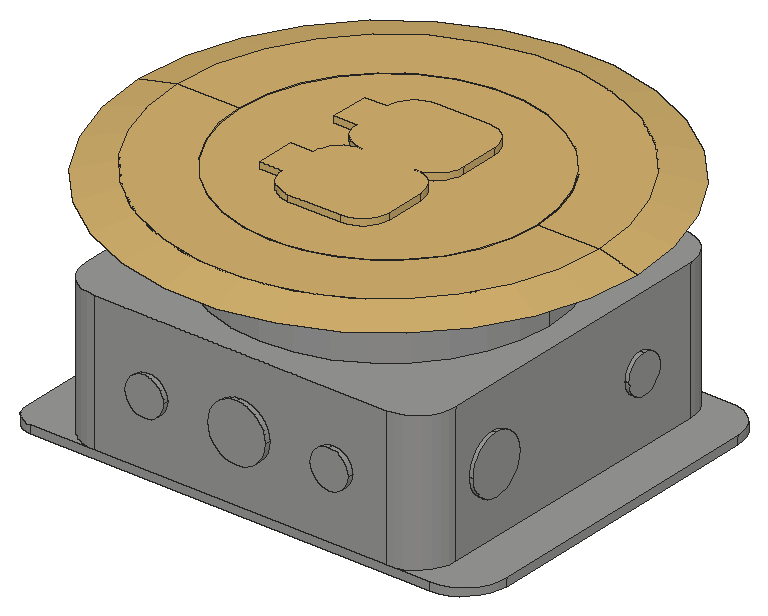
Revit family "Electrical_Equipment-Floor_Box-Hubbell_Wiring-Single_Service_Metal_Concrete-B2529", category Electrical Fixtures, host Face, Revit 2015
Parameters (values of type "B2529 - Brass Collar")
  URL = "http://www.hubbell-wiring.com/"
  Product data url = "https://bimobject.com/hubbellwiring/product/systemone-b2529"
  Product Page URL = "http://ecatalog.hubbell-wiring.com/productinformation/viewcatalog.aspx?Dest=hubbell-wiring.com/press/catalog/L.pdf&Page=4"
  Product Documentation Link = "http://ecatalog.hubbell-wiring.com/press/catalog/L-9.pdf"
  Model = "B2529"
  Manufacturer = "Hubbell-Wiring"  # constant formula
  Floor Box Type = Metal Concrete Floor Box : B2529 - Metal Concrete Floor Box
  Description = "Flush Round Single-Service Metal Concrete Floor Box"  # constant formula
  Default Elevation = 0' - 0"
  Cover Type [instance] = Single Service Covers : S3925 - Duplex Flap - Brass
  Cover Accessory Type [instance] = Carpet Flange : S3082 - 6.25in - Brass
  Construction Note [instance] = "Match Cover Material to Collar -- Turn Off Accessory for One Piece Cover"  # constant formula
  Conduit Connector_9 Description = "Conduit 0.75in. Connection"  # constant formula
  Conduit Connector_8 Description = "Conduit 0.5in. Connection"  # constant formula
  Conduit Connector_7 Description = "Conduit 0.75in. Connection"  # constant formula
  Conduit Connector_6 Description = "Conduit 0.5in. Connection"  # constant formula
  Conduit Connector_5 Description = "Conduit 0.5in. Connection"  # constant formula
  Conduit Connector_4 Description = "Conduit 0.75in. Connection"  # constant formula
  Conduit Connector_3 Description = "Conduit 0.5in. Connection"  # constant formula
  Conduit Connector_2 Description = "Conduit 0.75in. Connection"  # constant formula
  Conduit Connector_15 Description = "Conduit 0.75in. Connection"  # constant formula
  Conduit Connector_14 Description = "Conduit 0.75in. Connection"  # constant formula
  Conduit Connector_13 Description = "Conduit 0.5in. Connection"  # constant formula
  Conduit Connector_12 Description = "Conduit 0.5in. Connection"  # constant formula
  Conduit Connector_11 Description = "Conduit 0.5in. Connection"  # constant formula
  Conduit Connector_10 Description = "Conduit 0.5in. Connection"  # constant formula
  Conduit Connector_1 Description = "Conduit 0.5in. Connection"  # constant formula
  Conduit Connector 2 Radius = 0' - 0 3/8"
  Conduit Connector 1 Radius = 0' - 0 1/4"
  Collar Material = Metal-Hubbell-Brass
  Box Material = Metal-Hubbell-Stamped Steel
  Assembly Code = "D5020115"
Types (2): name | Model | Floor Box Type | Cover Type | Cover Accessory Type | Collar Material
  B2529 - Brass Collar | "B2529" | Metal Concrete Floor Box : B2529 - Metal Concrete Floor Box | Single Service Covers : S3925 - Duplex Flap - Brass | Carpet Flange : S3082 - 6.25in - Brass | Metal-Hubbell-Brass
  BA2529 - Aluminum Collar | "BA2529" | Metal Concrete Floor Box : BA2529 - Metal Concrete Floor Box | Single Service Covers : SA3925 - Duplex Flap - Aluminum | Carpet Flange : SA3082 - 6.25in - Aluminum | Metal-Hubbell-Aluminum
Reference planes (in)
  plane 1 "Center (Front/Back)": y = 0
  plane 2: z = 0
  plane 3 "Center (Left/Right)": x = 0
  plane 4: z = -2.906
Forms (in)
  Extrusion 1, void, detail levels fine
    sketch origin (0, 0, 0) x (1, 0, 0) y (0, 1, 0)
      loop
        line (1.9065, 2.4065) -> (-1.9065, 2.4065)
        arc (-1.9065, 2.4065) -> (-2.26005, 2.26005) -> (-2.4065, 1.9065) r 0.5
        line (-2.4065, 1.9065) -> (-2.4065, -1.9065)
        arc (-2.4065, -1.9065) -> (-2.26005, -2.26005) -> (-1.9065, -2.4065) r 0.5
        line (-1.9065, -2.4065) -> (1.9065, -2.4065)
        arc (1.9065, -2.4065) -> (2.26005, -2.26005) -> (2.4065, -1.9065) r 0.5
        line (2.4065, -1.9065) -> (2.4065, 1.9065)
        arc (2.4065, 1.9065) -> (2.26005, 2.26005) -> (1.9065, 2.4065) r 0.5
    from 0.20228 to -2.906
Lines and regions (in)
  symbolic lines
    curve 1: circle (0, 0, 0) r 3.25 normal (0, 0, 1)
Dimensions and locks (in)
  aligned and locked: plane 2 to host face
  aligned and locked: level to host face
  aligned: level to Extrusion 1
  aligned: Extrusion 1 to plane 4
  aligned and locked: plane 3 "Center (Left/Right)" to nested 1
  aligned and locked: plane 1 "Center (Front/Back)" to nested 1
  aligned and locked: plane 2 to nested 1
  aligned and locked: Extrusion 1 sketch curve to nested 1  (x4)
  aligned: Extrusion 1 to nested 1  (x3)
  aligned: plane 4 to nested 1
  aligned and locked: plane 1 "Center (Front/Back)" to nested 2
  aligned and locked: plane 1 "Center (Front/Back)" to nested 3
  aligned and locked: plane 2 to nested 3
  aligned and locked: plane 3 "Center (Left/Right)" to nested 3
  aligned and locked: plane 3 "Center (Left/Right)" to nested 2
  aligned and locked: nested 2 to plane 2  (x2)
Nested families (in)
  nested 1: "Metal Concrete Floor Box" at (0, 0, 0), type <- "Floor Box Type", type "B2529 - Metal Concrete Floor Box"
  nested 2: "Carpet Flange" at (0, 0, 0), type <- "Cover Accessory Type", type "S3082 - 6.25in - Brass"
  nested 3: "Single Service Covers" at (0, 0, 0), type <- "Cover Type", type "S3925 - Duplex Flap - Brass"
Connectors (in)
  cabletrayconduit at (-1.20325, -2.469, -1.906), diameter 0.5, driven by "Conduit Connector 1 Radius", driven by "Conduit Connector_1 Description"
    settings: on nested 1, index 1, connector width 1' - 0", connector height 1' - 0", connector angle 0.00°, system type 32, placement type 0, profile type 0, connector reference index -1, is primary connector yes, connector utility param no, connector description "Conduit 0.5in. Connection"
  cabletrayconduit at (0, -2.469, -1.906), diameter 0.75, driven by "Conduit Connector 2 Radius", driven by "Conduit Connector_2 Description"
    settings: on nested 1, index 2, connector width 1' - 0", connector height 1' - 0", connector angle 0.00°, system type 32, placement type 0, profile type 0, connector reference index -1, is primary connector no, connector utility param no, connector description "Conduit 0.75in. Connection"
  cabletrayconduit at (1.20325, -2.469, -1.906), diameter 0.5, driven by "Conduit Connector 1 Radius", driven by "Conduit Connector_3 Description"
    settings: on nested 1, index 3, connector width 1' - 0", connector height 1' - 0", connector angle 0.00°, system type 32, placement type 0, profile type 0, connector reference index -1, is primary connector no, connector utility param no, connector description "Conduit 0.5in. Connection"
  cabletrayconduit at (2.469, -1.32825, -1.906), diameter 0.75, driven by "Conduit Connector 2 Radius", driven by "Conduit Connector_4 Description"
    settings: on nested 1, index 4, connector width 1' - 0", connector height 1' - 0", connector angle 0.00°, system type 32, placement type 0, profile type 0, connector reference index -1, is primary connector no, connector utility param no, connector description "Conduit 0.75in. Connection"
  cabletrayconduit at (2.469, 1.07825, -1.906), diameter 0.5, driven by "Conduit Connector 1 Radius", driven by "Conduit Connector_5 Description"
    settings: on nested 1, index 5, connector width 1' - 0", connector height 1' - 0", connector angle 0.00°, system type 32, placement type 0, profile type 0, connector reference index -1, is primary connector no, connector utility param no, connector description "Conduit 0.5in. Connection"
  cabletrayconduit at (1.20325, 2.469, -1.906), diameter 0.5, driven by "Conduit Connector 1 Radius", driven by "Conduit Connector_6 Description"
    settings: on nested 1, index 6, connector width 1' - 0", connector height 1' - 0", connector angle 0.00°, system type 32, placement type 0, profile type 0, connector reference index -1, is primary connector no, connector utility param no, connector description "Conduit 0.5in. Connection"
  cabletrayconduit at (0, 2.469, -1.906), diameter 0.75, driven by "Conduit Connector 2 Radius", driven by "Conduit Connector_7 Description"
    settings: on nested 1, index 7, connector width 1' - 0", connector height 1' - 0", connector angle 0.00°, system type 32, placement type 0, profile type 0, connector reference index -1, is primary connector no, connector utility param no, connector description "Conduit 0.75in. Connection"
  cabletrayconduit at (-1.20325, 2.469, -1.906), diameter 0.5, driven by "Conduit Connector 1 Radius", driven by "Conduit Connector_8 Description"
    settings: on nested 1, index 8, connector width 1' - 0", connector height 1' - 0", connector angle 0.00°, system type 32, placement type 0, profile type 0, connector reference index -1, is primary connector no, connector utility param no, connector description "Conduit 0.5in. Connection"
  cabletrayconduit at (-2.469, 1.32825, -1.906), diameter 0.75, driven by "Conduit Connector 2 Radius", driven by "Conduit Connector_9 Description"
    settings: on nested 1, index 9, connector width 1' - 0", connector height 1' - 0", connector angle 0.00°, system type 32, placement type 0, profile type 0, connector reference index -1, is primary connector no, connector utility param no, connector description "Conduit 0.75in. Connection"
  cabletrayconduit at (-2.469, -1.07825, -1.906), diameter 0.5, driven by "Conduit Connector 1 Radius", driven by "Conduit Connector_10 Description"
    settings: on nested 1, index 10, connector width 1' - 0", connector height 1' - 0", connector angle 0.00°, system type 32, placement type 0, profile type 0, connector reference index -1, is primary connector no, connector utility param no, connector description "Conduit 0.5in. Connection"
  cabletrayconduit at (-0.72268, -0.70711, -2.9685), diameter 0.5, driven by "Conduit Connector 1 Radius", driven by "Conduit Connector_11 Description"
    settings: on nested 1, index 11, connector width 1' - 0", connector height 1' - 0", connector angle 0.00°, system type 32, placement type 0, profile type 0, connector reference index -1, is primary connector no, connector utility param no, connector description "Conduit 0.5in. Connection"
  cabletrayconduit at (0, 0, -2.9685), diameter 0.5, driven by "Conduit Connector 1 Radius", driven by "Conduit Connector_12 Description"
    settings: on nested 1, index 12, connector width 1' - 0", connector height 1' - 0", connector angle 0.00°, system type 32, placement type 0, profile type 0, connector reference index -1, is primary connector no, connector utility param no, connector description "Conduit 0.5in. Connection"
  cabletrayconduit at (0.72268, 0.70711, -2.9685), diameter 0.5, driven by "Conduit Connector 1 Radius", driven by "Conduit Connector_13 Description"
    settings: on nested 1, index 13, connector width 1' - 0", connector height 1' - 0", connector angle 0.00°, system type 32, placement type 0, profile type 0, connector reference index -1, is primary connector no, connector utility param no, connector description "Conduit 0.5in. Connection"
  cabletrayconduit at (0.72268, -0.70711, -2.9685), diameter 0.75, driven by "Conduit Connector 2 Radius", driven by "Conduit Connector_14 Description"
    settings: on nested 1, index 14, connector width 1' - 0", connector height 1' - 0", connector angle 0.00°, system type 32, placement type 0, profile type 0, connector reference index -1, is primary connector no, connector utility param no, connector description "Conduit 0.75in. Connection"
  cabletrayconduit at (-0.72268, 0.70711, -2.9685), diameter 0.75, driven by "Conduit Connector 2 Radius", driven by "Conduit Connector_15 Description"
    settings: on nested 1, index 15, connector width 1' - 0", connector height 1' - 0", connector angle 0.00°, system type 32, placement type 0, profile type 0, connector reference index -1, is primary connector no, connector utility param no, connector description "Conduit 0.75in. Connection"
Definition of nested family "Metal Concrete Floor Box"
  Parameters
    Cover Material = none
    Conduit Connector Offset = 0' - 1"
    Conduit Connector 2 Radius = 0' - 0 3/8"
    Conduit Connector 1 Radius = 0' - 0 1/4"
    Can Material = none
    Assembly Code = ""
  Reference planes (in)
    plane 1 "Center (Front/Back)": y = 0
    plane 2: z = 0
    plane 3 "Center (Left/Right)": x = 0
    plane 4: z = -2.906
    plane 5: z = -1.906
  Forms (in)
    Extrusion 1, solid, material <- "Can Material"
      sketch origin (0, 0, 0) x (1, 0, 0) y (0, 1, 0)
        loop
          arc (-1.9065, 2.4065) -> (-2.26005, 2.26005) -> (-2.4065, 1.9065) r 0.5
          line (-2.4065, 1.9065) -> (-2.4065, -1.9065)
          arc (-2.4065, -1.9065) -> (-2.26005, -2.26005) -> (-1.9065, -2.4065) r 0.5
          line (-1.9065, -2.4065) -> (1.9065, -2.4065)
          arc (1.9065, -2.4065) -> (2.26005, -2.26005) -> (2.4065, -1.9065) r 0.5
          line (2.4065, -1.9065) -> (2.4065, 1.9065)
          arc (2.4065, 1.9065) -> (2.26005, 2.26005) -> (1.9065, 2.4065) r 0.5
          line (1.9065, 2.4065) -> (-1.9065, 2.4065)
      from -1 to -2.80417
    Extrusion 2, solid, material <- "Cover Material"
      sketch origin (0, 0, 0) x (1, 0, 0) y (0, 1, 0)
        loop
          circle (0, 0) r 2.095
        loop
          circle (0, 0) r 1.9075
      from -0.44985 to 0
    Extrusion 3, solid, material <- "Can Material"
      sketch origin (0, 0, 0) x (1, 0, 0) y (0, 1, 0)
        loop
          circle (0, 0) r 2.095
        loop
          circle (0, 0) r 1.9075
      from -1 to -0.44985
    Extrusion 4, solid, material <- "Can Material"
      sketch origin (0.26747, 0, 0) x (1, 0, 0) y (0, 0, 1)
        loop
          arc (-1.72072, -1.906) -> (-1.6475, -2.08278) -> (-1.47072, -2.156) r 0.25
          arc (-1.47072, -2.156) -> (-1.29395, -2.08278) -> (-1.22072, -1.906) r 0.25
          arc (-1.22072, -1.906) -> (-1.29395, -1.72922) -> (-1.47072, -1.656) r 0.25
          arc (-1.47072, -1.656) -> (-1.6475, -1.72922) -> (-1.72072, -1.906) r 0.25
      from 2.4065 to 2.469
    Extrusion 5, solid, material <- "Can Material"
      sketch origin (1.43768, 0, 0) x (1, 0, 0) y (0, 0, 1)
        loop
          arc (-0.48443, -1.906) -> (-0.41121, -2.08278) -> (-0.23443, -2.156) r 0.25
          arc (-0.23443, -2.156) -> (-0.05765, -2.08278) -> (0.01557, -1.906) r 0.25
          arc (0.01557, -1.906) -> (-0.05765, -1.72922) -> (-0.23443, -1.656) r 0.25
          arc (-0.23443, -1.656) -> (-0.41121, -1.72922) -> (-0.48443, -1.906) r 0.25
      from 2.4065 to 2.469
    Extrusion 6, solid, material <- "Can Material"
      sketch origin (0, 0, 0) x (1, 0, 0) y (0, 1, 0)
        loop
          arc (-2.73359, 2.4065) -> (-2.93689, 2.32229) -> (-3.02109, 2.119) r 0.2875
          line (-3.02109, 2.119) -> (-3.02109, -2.119)
          arc (-3.02109, -2.119) -> (-2.93689, -2.32229) -> (-2.73359, -2.4065) r 0.2875
          line (-2.73359, -2.4065) -> (2.4682, -2.4065)
          arc (2.4682, -2.4065) -> (2.85916, -2.24456) -> (3.02109, -1.85361) r 0.55289
          line (3.02109, -1.85361) -> (3.02109, 1.9065)
          arc (3.02109, 1.9065) -> (2.87465, 2.26005) -> (2.52109, 2.4065) r 0.5
          line (2.52109, 2.4065) -> (-2.73359, 2.4065)
      from -2.80417 to -2.906
    Extrusion 7, solid, material <- "Can Material"
      sketch origin (0, 0.00191, 0) x (0, 1, 0) y (0, 0, 1)
        loop
          arc (-1.70516, -1.906) -> (-1.59532, -2.17117) -> (-1.33016, -2.281) r 0.375
          arc (-1.33016, -2.281) -> (-1.06499, -2.17117) -> (-0.95516, -1.906) r 0.375
          arc (-0.95516, -1.906) -> (-1.06499, -1.64083) -> (-1.33016, -1.531) r 0.375
          arc (-1.33016, -1.531) -> (-1.59532, -1.64083) -> (-1.70516, -1.906) r 0.375
      from 2.4065 to 2.469
    Extrusion 8, solid, material <- "Can Material"
      sketch origin (0, 1.32825, 0) x (0, 1, 0) y (0, 0, 1)
        loop
          arc (-0.5, -1.906) -> (-0.42678, -2.08278) -> (-0.25, -2.156) r 0.25
          arc (-0.25, -2.156) -> (-0.07322, -2.08278) -> (0, -1.906) r 0.25
          arc (0, -1.906) -> (-0.07322, -1.72922) -> (-0.25, -1.656) r 0.25
          arc (-0.25, -1.656) -> (-0.42678, -1.72922) -> (-0.5, -1.906) r 0.25
      from 2.4065 to 2.469
    Extrusion 9, solid, material <- "Can Material"
      sketch origin (-5.37192, -3.15502, 0) x (1, 0, 0) y (0, 1, 0)
        loop
          circle (5.37192, 3.15502) r 0.25
      from -2.906 to -2.9685
    Extrusion 10, solid, material <- "Can Material"
      sketch origin (-4.66481, -3.86212, 0) x (1, 0, 0) y (0, 1, 0)
        loop
          circle (5.38749, 3.15502) r 0.375
      from -2.906 to -2.9685
    Extrusion 11, solid, material <- "Can Material"
      sketch origin (-6.07902, -2.44791, 0) x (1, 0, 0) y (0, 1, 0)
        loop
          circle (5.35635, 3.15502) r 0.375
      from -2.906 to -2.9685
    Extrusion 12, solid, material <- "Can Material"
      sketch origin (-6.07902, -3.86212, 0) x (1, 0, 0) y (0, 1, 0)
        loop
          circle (5.35635, 3.15502) r 0.25
      from -2.906 to -2.9685
    Extrusion 13, solid, material <- "Can Material"
      sketch origin (-4.66481, -2.44791, 0) x (1, 0, 0) y (0, 1, 0)
        loop
          circle (5.38749, 3.15502) r 0.25
      from -2.906 to -2.9685
    Extrusion 14, solid, material <- "Can Material"
      sketch origin (1.08016, 0, 0) x (1, 0, 0) y (0, 0, 1)
        loop
          arc (-1.45516, -1.906) -> (-1.34532, -2.17117) -> (-1.08016, -2.281) r 0.375
          arc (-1.08016, -2.281) -> (-0.81499, -2.17117) -> (-0.70516, -1.906) r 0.375
          arc (-0.70516, -1.906) -> (-0.81499, -1.64083) -> (-1.08016, -1.531) r 0.375
          arc (-1.08016, -1.531) -> (-1.34532, -1.64083) -> (-1.45516, -1.906) r 0.375
      from 2.4065 to 2.469
    Extrusion 15, solid, material <- "Can Material"
      sketch origin (0, -0.00191, 0) x (0, -1, 0) y (0, 0, 1)
        loop
          arc (-1.70516, -1.906) -> (-1.59532, -2.17117) -> (-1.33016, -2.281) r 0.375
          arc (-1.33016, -2.281) -> (-1.06499, -2.17117) -> (-0.95516, -1.906) r 0.375
          arc (-0.95516, -1.906) -> (-1.06499, -1.64083) -> (-1.33016, -1.531) r 0.375
          arc (-1.33016, -1.531) -> (-1.59532, -1.64083) -> (-1.70516, -1.906) r 0.375
      from 2.4065 to 2.469
    Extrusion 16, solid, material <- "Can Material"
      sketch origin (0, -1.32825, 0) x (0, -1, 0) y (0, 0, 1)
        loop
          arc (-0.5, -1.906) -> (-0.42678, -2.08278) -> (-0.25, -2.156) r 0.25
          arc (-0.25, -2.156) -> (-0.07322, -2.08278) -> (0, -1.906) r 0.25
          arc (0, -1.906) -> (-0.07322, -1.72922) -> (-0.25, -1.656) r 0.25
          arc (-0.25, -1.656) -> (-0.42678, -1.72922) -> (-0.5, -1.906) r 0.25
      from 2.4065 to 2.469
    Extrusion 17, solid, material <- "Can Material"
      sketch origin (-0.26747, 0, 0) x (-1, 0, 0) y (0, 0, 1)
        loop
          arc (-1.72072, -1.906) -> (-1.6475, -2.08278) -> (-1.47072, -2.156) r 0.25
          arc (-1.47072, -2.156) -> (-1.29395, -2.08278) -> (-1.22072, -1.906) r 0.25
          arc (-1.22072, -1.906) -> (-1.29395, -1.72922) -> (-1.47072, -1.656) r 0.25
          arc (-1.47072, -1.656) -> (-1.6475, -1.72922) -> (-1.72072, -1.906) r 0.25
      from 2.4065 to 2.469
    Extrusion 18, solid, material <- "Can Material"
      sketch origin (-1.43768, 0, 0) x (-1, 0, 0) y (0, 0, 1)
        loop
          arc (-0.48443, -1.906) -> (-0.41121, -2.08278) -> (-0.23443, -2.156) r 0.25
          arc (-0.23443, -2.156) -> (-0.05765, -2.08278) -> (0.01557, -1.906) r 0.25
          arc (0.01557, -1.906) -> (-0.05765, -1.72922) -> (-0.23443, -1.656) r 0.25
          arc (-0.23443, -1.656) -> (-0.41121, -1.72922) -> (-0.48443, -1.906) r 0.25
      from 2.4065 to 2.469
    Extrusion 19, solid, material <- "Can Material"
      sketch origin (-1.08016, 0, 0) x (-1, 0, 0) y (0, 0, 1)
        loop
          arc (-1.45516, -1.906) -> (-1.34532, -2.17117) -> (-1.08016, -2.281) r 0.375
          arc (-1.08016, -2.281) -> (-0.81499, -2.17117) -> (-0.70516, -1.906) r 0.375
          arc (-0.70516, -1.906) -> (-0.81499, -1.64083) -> (-1.08016, -1.531) r 0.375
          arc (-1.08016, -1.531) -> (-1.34532, -1.64083) -> (-1.45516, -1.906) r 0.375
      from 2.4065 to 2.469
  Cuts and joins
    joined: Extrusion 3, Extrusion 4, Extrusion 5, Extrusion 7, Extrusion 8, Extrusion 9, Extrusion 10, Extrusion 11, Extrusion 12, Extrusion 13
  Lines and regions (in)
    Masking region 1
      outline origin (0, 0, 0) x (1, 0, 0) y (0, 1, 0)
        loop
          line (2.52109, 2.4065) -> (1.45334, 2.4065) -> (1.45334, 2.469) -> (0.95427, 2.469) -> (0.95427, 2.4065) -> (0.375, 2.4065) -> (0.375, 2.469) -> (-0.375, 2.469) -> (-0.375, 2.4065) -> (-0.95354, 2.4065) -> (-0.95354, 2.469) -> (-1.45354, 2.469) -> (-1.45354, 2.4065) -> (-2.73359, 2.4065)
          arc (-2.73359, 2.4065) -> (-2.93689, 2.32229) -> (-3.02109, 2.119) r 0.2875
          line (-3.02109, 2.119) -> (-3.02109, -2.119)
          arc (-3.02109, -2.119) -> (-2.93689, -2.32229) -> (-2.73359, -2.4065) r 0.2875
          line (-2.73359, -2.4065) -> (-1.45327, -2.4065) -> (-1.45327, -2.469) -> (-0.95358, -2.469) -> (-0.95358, -2.4065) -> (-0.37362, -2.4065) -> (-0.37362, -2.469) -> (0.375, -2.469) -> (0.375, -2.4065) -> (0.95259, -2.4065) -> (0.95259, -2.469) -> (1.45259, -2.469) -> (1.45259, -2.4065) -> (2.4682, -2.4065)
          arc (2.4682, -2.4065) -> (2.85916, -2.24456) -> (3.02109, -1.85361) r 0.55289
          line (3.02109, -1.85361) -> (3.02109, 1.9065)
          arc (3.02109, 1.9065) -> (2.87465, 2.26005) -> (2.52109, 2.4065) r 0.5
  Dimensions and locks (in)
    "Conduit Connector Offset": plane 5 to plane 4
    level to plane 4 = 0' - 2.906"
    equal spacing: Extrusion 6 sketch curve, plane 3 "Center (Left/Right)", Extrusion 6 sketch curve
    plane 3 "Center (Left/Right)" to Extrusion 8 = 0' - 2.4065"
    Extrusion 5 to Extrusion 7 to plane 1 "Center (Front/Back)" to Extrusion 8 = 0' - 1.07825", 0' - 1.32825", 0' - 1.07825"  (x2)
    "Conduit Connector 1 Radius": radius of Extrusion 4 sketch curve
    "Conduit Connector 1 Radius": radius of Extrusion 5 sketch curve
    "Conduit Connector 2 Radius": radius of Extrusion 7 sketch curve
    "Conduit Connector 1 Radius": radius of Extrusion 8 sketch curve
    "Conduit Connector 1 Radius": radius of Extrusion 9 sketch curve
    "Conduit Connector 2 Radius": radius of Extrusion 10 sketch curve
    "Conduit Connector 2 Radius": radius of Extrusion 11 sketch curve
    "Conduit Connector 1 Radius": radius of Extrusion 12 sketch curve
    "Conduit Connector 1 Radius": radius of Extrusion 13 sketch curve
    "Conduit Connector 2 Radius": radius of Extrusion 14 sketch curve
    "Conduit Connector 2 Radius": radius of Extrusion 15 sketch curve
    "Conduit Connector 1 Radius": radius of Extrusion 16 sketch curve
    "Conduit Connector 1 Radius": radius of Extrusion 17 sketch curve
    "Conduit Connector 1 Radius": radius of Extrusion 18 sketch curve
    "Conduit Connector 2 Radius": radius of Extrusion 19 sketch curve
    aligned and locked: plane 2 to level
    aligned: plane 4 to Extrusion 1
    aligned: plane 5 to Extrusion 4  (x4)
    aligned and locked: plane 5 to Extrusion 4 sketch curve
    aligned: Extrusion 4 to Extrusion 1
    aligned: Extrusion 6 to plane 4
    aligned and locked: Extrusion 1 to Extrusion 6
    aligned and locked: Extrusion 2 to Extrusion 3
    aligned and locked: Extrusion 5 to Extrusion 1
    aligned and locked: Extrusion 4 to Extrusion 1
    aligned: plane 4 to Extrusion 9
    aligned and locked: plane 4 to cut or joined group 1 (Extrusion 3, Extrusion 4, Extrusion 5, Extrusion 7, Extrusion 8, Extrusion 9, Extrusion 10, Extrusion 11, Extrusion 12, Extrusion 13)  (x5)
    aligned and locked: Extrusion 1 to cut or joined group 1
  Automatic sketch dimensions
    plane 1 "Center (Front/Back)" to Extrusion 1 sketch curve = 0' - 2.4065"
    Extrusion 1 sketch curve to plane 1 "Center (Front/Back)" = 0' - 1.9065"
    Extrusion 2 sketch curve to Extrusion 2 sketch curve = 0' - 0"  (x2)
    plane 1 "Center (Front/Back)" to Extrusion 2 sketch curve = 0' - 0"
    Extrusion 2 sketch curve to plane 3 "Center (Left/Right)" = 0' - 0"
    Extrusion 3 sketch curve to Extrusion 3 sketch curve = 0' - 0"  (x2)
    plane 1 "Center (Front/Back)" to Extrusion 3 sketch curve = 0' - 0"
    Extrusion 3 sketch curve to plane 3 "Center (Left/Right)" = 0' - 0"
    Extrusion 4 sketch curve to Extrusion 4 sketch curve = 0' - 0"
    Extrusion 5 sketch curve to plane 5 = 0' - 0"
    plane 1 "Center (Front/Back)" to Extrusion 6 sketch curve = 0' - 2.4065"
    Extrusion 6 sketch curve to plane 1 "Center (Front/Back)" = 0' - 1.9065"
    Extrusion 7 sketch curve to Extrusion 7 sketch curve = 0' - 0"
    Extrusion 7 sketch curve to plane 5 = 0' - 0"
    plane 1 "Center (Front/Back)" to Extrusion 7 sketch curve = 0' - 1.70325"
    Extrusion 8 sketch curve to Extrusion 8 sketch curve = 0' - 0"
    Extrusion 8 sketch curve to plane 5 = 0' - 0"
    Extrusion 8 sketch curve to plane 1 "Center (Front/Back)" = 0' - 0.82825"
    plane 1 "Center (Front/Back)" to Extrusion 9 sketch curve = 0' - 0"
    Extrusion 9 sketch curve to plane 3 "Center (Left/Right)" = 0' - 0"
    plane 1 "Center (Front/Back)" to Extrusion 10 sketch curve = 0' - 0.70711"
    Extrusion 11 sketch curve to plane 1 "Center (Front/Back)" = 0' - 0.70711"
    plane 1 "Center (Front/Back)" to Extrusion 12 sketch curve = 0' - 0.70711"
    Extrusion 13 sketch curve to plane 1 "Center (Front/Back)" = 0' - 0.70711"
    Extrusion 14 sketch curve to Extrusion 14 sketch curve = 0' - 0"
    Extrusion 14 sketch curve to plane 5 = 0' - 0"
    Extrusion 14 sketch curve to plane 3 "Center (Left/Right)" = 0' - 0"
    Extrusion 15 sketch curve to Extrusion 15 sketch curve = 0' - 0"
    Extrusion 15 sketch curve to plane 5 = 0' - 0"
    Extrusion 15 sketch curve to plane 1 "Center (Front/Back)" = 0' - 1.70325"
    Extrusion 16 sketch curve to Extrusion 16 sketch curve = 0' - 0"
    Extrusion 16 sketch curve to plane 5 = 0' - 0"
    plane 1 "Center (Front/Back)" to Extrusion 16 sketch curve = 0' - 0.82825"
    Extrusion 17 sketch curve to plane 5 = 0' - 0"
    Extrusion 18 sketch curve to plane 5 = 0' - 0"
    Extrusion 19 sketch curve to Extrusion 19 sketch curve = 0' - 0"
    Extrusion 19 sketch curve to plane 5 = 0' - 0"
    Extrusion 19 sketch curve to plane 3 "Center (Left/Right)" = 0' - 0"
    Extrusion 1 sketch curve to plane 3 "Center (Left/Right)" = 0' - 1.9065"  (x2)
    Extrusion 1 sketch curve to Extrusion 1 sketch curve = 0' - 0 1/2"  (x2)
    Extrusion 4 sketch curve to plane 3 "Center (Left/Right)" = 0' - 1.45325"
    Extrusion 6 sketch curve to plane 3 "Center (Left/Right)" = 0' - 2.73359"  (x2)
    Extrusion 6 sketch curve to Extrusion 6 sketch curve = 0' - 0.2875"
    Extrusion 11 sketch curve to plane 3 "Center (Left/Right)" = 0' - 0 185/256"
    Extrusion 12 sketch curve to plane 3 "Center (Left/Right)" = 0' - 0 185/256"
    Extrusion 18 sketch curve to Extrusion 18 sketch curve = 0' - 0"
    Extrusion 18 sketch curve to plane 3 "Center (Left/Right)" = 0' - 0.95325"
    plane 3 "Center (Left/Right)" to Extrusion 1 sketch curve = 0' - 1.9065"  (x2)
    Extrusion 5 sketch curve to Extrusion 5 sketch curve = 0' - 0"
    plane 3 "Center (Left/Right)" to Extrusion 5 sketch curve = 0' - 0.95325"
    Extrusion 6 sketch curve to Extrusion 6 sketch curve = 0' - 0.55289"
    Extrusion 6 sketch curve to Extrusion 6 sketch curve = 0' - 0 1/2"
    plane 3 "Center (Left/Right)" to Extrusion 10 sketch curve = 0' - 0 185/256"
    plane 3 "Center (Left/Right)" to Extrusion 13 sketch curve = 0' - 0 185/256"
    Extrusion 17 sketch curve to Extrusion 17 sketch curve = 0' - 0"
    plane 3 "Center (Left/Right)" to Extrusion 17 sketch curve = 0' - 1.45325"
    Masking region 1 sketch curve to plane 3 "Center (Left/Right)" = 0' - 3.02109"
    Masking region 1 sketch curve to Masking region 1 sketch curve = 0' - 0.2875"  (x2)
    Masking region 1 sketch curve to Masking region 1 sketch curve = 0' - 1.28006"
    Masking region 1 sketch curve to Masking region 1 sketch curve = 0' - 1.28032"
    Masking region 1 sketch curve to Masking region 1 sketch curve = 0' - 0.49969"
    Masking region 1 sketch curve to Masking region 1 sketch curve = 0' - 0 1/2"  (x2)
    Masking region 1 sketch curve to plane 3 "Center (Left/Right)" = 0' - 0 3/8"
    Masking region 1 sketch curve to plane 3 "Center (Left/Right)" = 0' - 0.37362"
    plane 3 "Center (Left/Right)" to Masking region 1 sketch curve = 0' - 0 3/8"  (x2)
    Masking region 1 sketch curve to Masking region 1 sketch curve = 0' - 0.57759"
    Masking region 1 sketch curve to Masking region 1 sketch curve = 0' - 0.57927"
    Masking region 1 sketch curve to Masking region 1 sketch curve = 0' - 0.49907"
    Masking region 1 sketch curve to Masking region 1 sketch curve = 0' - 1 1/64"
    Masking region 1 sketch curve to Masking region 1 sketch curve = 0' - 1.06775"
    Masking region 1 sketch curve to Masking region 1 sketch curve = 0' - 0.55289"
    plane 1 "Center (Front/Back)" to Masking region 1 sketch curve = 0' - 2.469"
    Masking region 1 sketch curve to Masking region 1 sketch curve = 0' - 0"  (x5)
    Masking region 1 sketch curve to Masking region 1 sketch curve = 0' - 0 1/16"  (x6)
    Masking region 1 sketch curve to plane 1 "Center (Front/Back)" = 0' - 1.9065"
    Masking region 1 sketch curve to plane 1 "Center (Front/Back)" = 0' - 2.119"
    radius of Extrusion 2 sketch curve = 0' - 2.095"
    radius of Extrusion 2 sketch curve = 0' - 1.9075"
    radius of Extrusion 3 sketch curve = 0' - 2.095"
    radius of Extrusion 3 sketch curve = 0' - 1.9075"
Definition of nested family "Carpet Flange"
  Parameters
    Cover Material = none
    Assembly Code = ""
    6.25 in. Diameter = yes
    5.25 in. Diameter = no
  Reference planes (in)
    plane 1 "Center (Front/Back)": y = 0
    plane 2: z = 0
    plane 3 "Center (Left/Right)": x = 0
    plane 4: z = 0.12
    plane 5: x = -1.94
    plane 6: x = -2.75014
    plane 7: z = -0.44
    plane 8: z = 0.12
    plane 9: x = -1.94
    plane 10: x = -2.75014
    plane 11: z = -0.44
    plane 12: x = -3.25014
  Forms (in)
    Revolve 1, solid, material <- "Cover Material", visible <- "5.25 in. Diameter"
      sketch origin (0, 0, 0) x (1, 0, 0) y (0, 0, 1)
        loop
          line (-2.01967, 0) -> (-2.01967, -0.44) -> (-1.78401, -0.44) -> (-1.78401, -0.39301) -> (-1.94, -0.39301) -> (-1.94, 0.12) -> (-2.42153, 0.12) -> (-2.75014, 0) -> (-2.01967, 0)
        axis (0, 0.12) -> (0, -0.44)
      angle from 0 to 360
    Revolve 2, solid, material <- "Cover Material", visible <- "6.25 in. Diameter"
      sketch origin (0, 0, 0) x (1, 0, 0) y (0, 0, 1)
        loop
          line (-2.01967, 0) -> (-2.01967, -0.44) -> (-1.78401, -0.44) -> (-1.78401, -0.39301) -> (-1.94, -0.39301) -> (-1.94, 0.12) -> (-2.75014, 0.12) -> (-3.25014, 0) -> (-2.01967, 0)
        axis (0, 0.12) -> (0, -0.44)
      angle from 0 to 360
  Lines and regions (in)
    Masking region 1, visible <- "6.25 in. Diameter"
      outline origin (0, 0, 0) x (1, 0, 0) y (0, 1, 0)
        loop
          circle (0, 0) r 3.25014
    Masking region 2, visible <- "5.25 in. Diameter"
      outline origin (0, 0, 0) x (1, 0, 0) y (0, 1, 0)
        loop
          circle (0, 0) r 2.75014
    symbolic lines, visible <- "6.25 in. Diameter", detail levels medium+fine
      curve 1: arc (2.75014, 0, 0) -> (0, 2.75014, 0) -> (-2.75014, 0, 0) r 2.75014
      curve 2: arc (-2.75014, 0, 0) -> (0, -2.75014, 0) -> (2.75014, 0, 0) r 2.75014
    symbolic lines, visible <- "6.25 in. Diameter", detail levels fine
      curve 3: arc (-1.78401, 0, 0) -> (0, 1.78401, 0) -> (1.78401, 0, 0) r 1.78401
      curve 4: arc (1.78401, 0, 0) -> (0, -1.78401, 0) -> (-1.78401, 0, 0) r 1.78401
    symbolic lines, visible <- "5.25 in. Diameter", detail levels medium+fine
      curve 5: arc (2.42153, 0, 0) -> (0, 2.42153, 0) -> (-2.42153, 0, 0) r 2.42153
      curve 6: arc (-2.42153, 0, 0) -> (0, -2.42153, 0) -> (2.42153, 0, 0) r 2.42153
    symbolic lines, visible <- "5.25 in. Diameter", detail levels fine
      curve 7: arc (1.78401, 0, 0) -> (0, -1.78401, 0) -> (-1.78401, 0, 0) r 1.78401
      curve 8: arc (-1.78401, 0, 0) -> (0, 1.78401, 0) -> (1.78401, 0, 0) r 1.78401
  Dimensions and locks (in)
    plane 3 "Center (Left/Right)" to plane 6 = 0' - 2.75014"
    plane 4 to plane 7 = 0' - 0.56"
    Revolve 1 sketch curve to plane 5 = 0' - 1.94"
    plane 8 to plane 11 = 0' - 0.56"
    Revolve 2 sketch curve to plane 9 = 0' - 1.94"
    aligned and locked: plane 2 to level
    aligned and locked: curve 1 to Revolve 2
    aligned and locked: curve 2 to Revolve 2
    aligned and locked: curve 3 to Revolve 2
    aligned and locked: curve 4 to Revolve 2
    aligned and locked: curve 5 to Revolve 1
    aligned and locked: curve 6 to Revolve 1
    aligned and locked: curve 7 to Revolve 2
    aligned and locked: curve 8 to Revolve 2
Definition of nested family "Single Service Covers"
  Parameters
    Duplex Screw = no
    Duplex Flap = yes
    Cover Material = none
    Combination Flap = no
    Box = yes
    Assembly Code = ""
  Reference planes (in)
    plane 1 "Center (Front/Back)": y = 0
    plane 2: z = 0
    plane 3 "Center (Left/Right)": x = 0
  Forms (in)
    Extrusion 1, solid, material <- "Cover Material", visible <- "Duplex Flap", detail levels medium+fine
      sketch origin (0, 0, 0) x (1, 0, 0) y (0, 1, 0)
        loop
          arc (-0.34332, 1.20711) -> (-0.59332, 1.10355) -> (-0.69687, 0.85355) r 0.35355
          line (-0.69687, 0.85355) -> (-0.98976, 0.85355) -> (-0.98976, 0.35355) -> (-0.69687, 0.35355)
          arc (-0.69687, 0.35355) -> (-0.59332, 0.10355) -> (-0.34332, 0) r 0.35355
          arc (-0.34332, 0) -> (-0.59332, -0.10355) -> (-0.69687, -0.35355) r 0.35355
          line (-0.69687, -0.35355) -> (-0.98976, -0.35355) -> (-0.98976, -0.85355) -> (-0.69687, -0.85355)
          arc (-0.69687, -0.85355) -> (-0.59332, -1.10355) -> (-0.34332, -1.20711) r 0.35355
          line (-0.34332, -1.20711) -> (0.34332, -1.20711)
          arc (0.34332, -1.20711) -> (0.59332, -1.10355) -> (0.69687, -0.85355) r 0.35355
          line (0.69687, -0.85355) -> (0.69687, -0.35355)
          arc (0.69687, -0.35355) -> (0.59332, -0.10355) -> (0.34332, 0) r 0.35355
          arc (0.34332, 0) -> (0.59332, 0.10355) -> (0.69687, 0.35355) r 0.35355
          line (0.69687, 0.35355) -> (0.69687, 0.85355)
          arc (0.69687, 0.85355) -> (0.59332, 1.10355) -> (0.34332, 1.20711) r 0.35355
          line (0.34332, 1.20711) -> (-0.34332, 1.20711)
      from 0.12 to 0.20228
    Extrusion 2, solid, material <- "Cover Material", visible <- "Combination Flap", detail levels medium+fine
      sketch origin (0.0053, 0, 0) x (1, 0, 0) y (0, 1, 0)
        loop
          circle (0, 0) r 1
        loop
          line (-0.08565, 0.54465) -> (-0.08565, -0.54465) -> (0.0625, -0.54465) -> (0.0625, 0.54465) -> (-0.08565, 0.54465)
      from 0.12 to 0.20228
    Extrusion 3, solid, material <- "Cover Material", visible <- "Box"
      sketch origin (0, 0, 0) x (1, 0, 0) y (0, 1, 0)
        loop
          circle (0, 0) r 1.94
      from -0.44 to 0.12
    Extrusion 4, solid, material <- "Cover Material", visible <- "Duplex Screw", detail levels medium+fine
      sketch origin (-0.00003, 0.76567, 0) x (0, 1, 0) y (-1, 0, 0)
        loop
          circle (-0.01567, -0.00003) r 0.75
        loop
          line (-0.07309, 0.39733) -> (-0.07309, -0.41965) -> (0.0625, -0.41965) -> (0.0625, 0.39733) -> (-0.07309, 0.39733)
      from 0.12 to 0.20228
    Extrusion 5, solid, material <- "Cover Material", visible <- "Duplex Screw", detail levels medium+fine
      sketch origin (-0.00003, -0.73433, 0) x (0, 1, 0) y (-1, 0, 0)
        loop
          circle (-0.01567, -0.00003) r 0.75
        loop
          line (-0.07309, 0.39733) -> (-0.07309, -0.41965) -> (0.0625, -0.41965) -> (0.0625, 0.39733) -> (-0.07309, 0.39733)
      from 0.12 to 0.20228
  Lines and regions (in)
    Masking region 1, visible <- "Box"
      outline origin (0, 0, 0) x (1, 0, 0) y (0, 1, 0)
        loop
          circle (0, 0) r 1.94
    symbolic lines, visible <- "Duplex Screw", detail levels fine
      curve 1: arc (0, 1.5, 0) -> (-0.75, 0.75, 0) -> (0, 0, 0) r 0.75
      curve 2: arc (0, 0, 0) -> (0.75, 0.75, 0) -> (0, 1.5, 0) r 0.75
      curve 3: line (-0.39736, 0.82817, 0) -> (0.41962, 0.82817, 0)
      curve 4: line (0.41962, 0.82817, 0) -> (0.41962, 0.69257, 0)
      curve 5: line (0.41962, 0.69257, 0) -> (-0.39736, 0.69257, 0)
      curve 6: line (-0.39736, 0.69257, 0) -> (-0.39736, 0.82817, 0)
      curve 7: arc (0, 0, 0) -> (-0.75, -0.75, 0) -> (0, -1.5, 0) r 0.75
      curve 8: arc (0, -1.5, 0) -> (0.75, -0.75, 0) -> (0, 0, 0) r 0.75
      curve 9: line (0.41962, -0.80743, 0) -> (-0.39736, -0.80743, 0)
      curve 10: line (0.41962, -0.67183, 0) -> (0.41962, -0.80743, 0)
      curve 11: line (-0.39736, -0.67183, 0) -> (0.41962, -0.67183, 0)
      curve 12: line (-0.39736, -0.80743, 0) -> (-0.39736, -0.67183, 0)
    symbolic lines, visible <- "Duplex Flap", detail levels fine
      curve 13: arc (-0.69687, -0.85355, 0) -> (-0.59332, -1.10355, 0) -> (-0.34332, -1.20711, 0) r 0.35355
      curve 14: line (-0.34332, -1.20711, 0) -> (0.34332, -1.20711, 0)
      curve 15: arc (0.34332, -1.20711, 0) -> (0.59332, -1.10355, 0) -> (0.69687, -0.85355, 0) r 0.35355
      curve 16: line (0.69687, -0.85355, 0) -> (0.69687, -0.35355, 0)
      curve 17: arc (0.69687, -0.35355, 0) -> (0.59332, -0.10355, 0) -> (0.34332, 0, 0) r 0.35355
      curve 18: arc (0.34332, 0, 0) -> (0.59332, 0.10355, 0) -> (0.69687, 0.35355, 0) r 0.35355
      curve 19: line (0.69687, 0.35355, 0) -> (0.69687, 0.85355, 0)
      curve 20: arc (0.69687, 0.85355, 0) -> (0.59332, 1.10355, 0) -> (0.34332, 1.20711, 0) r 0.35355
      curve 21: line (0.34332, 1.20711, 0) -> (-0.34332, 1.20711, 0)
      curve 22: arc (-0.34332, 1.20711, 0) -> (-0.59332, 1.10355, 0) -> (-0.69687, 0.85355, 0) r 0.35355
      curve 23: line (-0.69687, 0.85355, 0) -> (-0.98976, 0.85355, 0)
      curve 24: line (-0.98976, 0.85355, 0) -> (-0.98976, 0.35355, 0)
      curve 25: line (-0.98976, 0.35355, 0) -> (-0.69687, 0.35355, 0)
      curve 26: arc (-0.69687, 0.35355, 0) -> (-0.59332, 0.10355, 0) -> (-0.34332, 0, 0) r 0.35355
      curve 27: arc (-0.34332, 0, 0) -> (-0.59332, -0.10355, 0) -> (-0.69687, -0.35355, 0) r 0.35355
      curve 28: line (-0.69687, -0.35355, 0) -> (-0.98976, -0.35355, 0)
      curve 29: line (-0.98976, -0.35355, 0) -> (-0.98976, -0.85355, 0)
      curve 30: line (-0.98976, -0.85355, 0) -> (-0.69687, -0.85355, 0)
    symbolic lines, visible <- "Combination Flap", detail levels fine
      curve 31: arc (-0.9947, 0, 0) -> (0.0053, -1, 0) -> (1.0053, 0, 0) r 1
      curve 32: arc (1.0053, 0, 0) -> (0.0053, 1, 0) -> (-0.9947, 0, 0) r 1
      curve 33: line (-0.08035, -0.54465, 0) -> (-0.08035, 0.54465, 0)
      curve 34: line (-0.08035, 0.54465, 0) -> (0.0678, 0.54465, 0)
      curve 35: line (0.0678, 0.54465, 0) -> (0.0678, -0.54465, 0)
      curve 36: line (0.0678, -0.54465, 0) -> (-0.08035, -0.54465, 0)
  Dimensions and locks (in)
    aligned and locked: plane 2 to level
    aligned and locked: curve 1 to Extrusion 4
    aligned and locked: curve 2 to Extrusion 4
    aligned and locked: curve 3 to Extrusion 4
    aligned and locked: curve 4 to Extrusion 4
    aligned and locked: curve 5 to Extrusion 4
    aligned and locked: curve 6 to Extrusion 4
    aligned and locked: curve 7 to Extrusion 5
    aligned and locked: curve 8 to Extrusion 5
    aligned and locked: curve 9 to Extrusion 5
    aligned and locked: curve 10 to Extrusion 5
    aligned and locked: curve 11 to Extrusion 5
    aligned and locked: curve 12 to Extrusion 5
    aligned and locked: curve 13 to Extrusion 1
    aligned and locked: curve 14 to Extrusion 1
    aligned and locked: curve 15 to Extrusion 1
    aligned and locked: curve 16 to Extrusion 1
    aligned and locked: curve 17 to Extrusion 1
    aligned and locked: curve 18 to Extrusion 1
    aligned and locked: curve 19 to Extrusion 1
    aligned and locked: curve 20 to Extrusion 1
    aligned and locked: curve 21 to Extrusion 1
    aligned and locked: curve 22 to Extrusion 1
    aligned and locked: curve 23 to Extrusion 1
    aligned and locked: curve 24 to Extrusion 1
    aligned and locked: curve 25 to Extrusion 1
    aligned and locked: curve 26 to Extrusion 1
    aligned and locked: curve 27 to Extrusion 1
    aligned and locked: curve 28 to Extrusion 1
    aligned and locked: curve 29 to Extrusion 1
    aligned and locked: curve 30 to Extrusion 1
    aligned and locked: curve 31 to Extrusion 2
    aligned and locked: curve 32 to Extrusion 2
    aligned and locked: curve 33 to Extrusion 2
    aligned and locked: curve 34 to Extrusion 2
    aligned and locked: curve 35 to Extrusion 2
    aligned and locked: curve 36 to Extrusion 2
